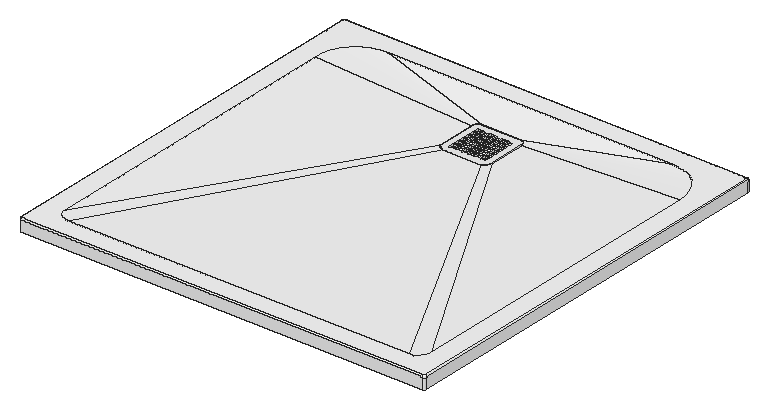
Revit family "IS_UltraFlatS_K8216_BIM_DE", category Plumbing Fixtures, host Face, Revit 2016
Family settings
  Host = Face
  Part Type = Normal
  Round Connector Dimension = Use Diameter
  OmniClass Number = 23.45.05.14.21.11
  OmniClass Title = Bath/Shower Units
  Cut with Voids When Loaded = No
  Shared = No
  Room Calculation Point = No
Parameters (values of type "K8216FR - ULTRAFLAT S PD 100X100 BIANCO")
  WarrantyStartDate = "n/a"
  WarrantyGuarantorParts = "n/a"
  WarrantyGuarantorLabor = "n/a"
  WarrantyDurationUnit = "n/a"
  WarrantyDurationParts = "n/a"
  WarrantyDurationLabor = "n/a"
  WarrantyDescription = "n/a"
  WFU = 0
  VolumeUnits = "Litres"
  Version = "1"
  Uniclass2015Version = "Products v1.1"
  Uniclass2015Title = "Shower trays"
  Uniclass2015Code = "Pr_40_20_06_84"
  URL = "www.idealstandard.de"
  Type Comments = "n/a"
  TagNumber = "n/a"
  SustainabilityPerformance = "n/a"
  Space = "Internal"
  Size = "1000 x 1000 x 30 mm"
  Shape = "Rectangular"
  SerialNumber = "n/a"
  ReplacementCost = "n/a"
  ProductInformation = "www.idealstandard.de"
  PredefinedType = "n/a"
  Phone = "+49228 5210"
  NominalWidth = 1000 mm
  NominalLength = 1000 mm
  NominalHeight = 30 mm
  NominalDepth = 0 mm
  Name = "ISI_IdealStandard_Showers_Ultra Flat S_K8216FR"
  ModelReference = "IS Quadratische-Brausewanne ULTRAFLAT S, 1000x1000x30mm, Carraraweiß"
  ModelNumber = "K8216FR"
  Model = "K8216FR"
  Material = "Sanitary Brass"
  ManufacturerURL = "www.idealstandard.de"
  Manufacturer = "idealstandard.de@idealstandard.com"
  MainMaterial = IS_RenderMaterial_White
  LinearUnits = "millimeters"
  Keynote = ""
  InstallationInstructions = "www.idealstandard.de\\produkte"
  InstallationDate = "1900-12-31T23:59:59"
  Help = "idealstandard.de@idealstandard.com"
  HWFU = 0
  GrossWeight = "36 kg"
  Grade = "n/a"
  Finish = "Pure White"
  Features = "ULTRA FLAT S square shower tray 1000x1000mm"
  ExpectedLife = "25"
  DurationUnit = "year"
  DistributedBy = "n/a"
  Description = "ULTRA FLAT S - Piatto doccia quadrato ultrasottile realizzato in IDEAL SOLID, materiale altamente resistente composto da una miscela di minerali naturali e resine. Finitura opaca effetto pietra. Griglia di scarico, in acciaio inossidabile, fornita a corredo del piatto doccia. Sifone di scarico K936367, da ordinare separatamente. Per installazione sopra pavimento o filo pavimento. È possibile acquistare la griglia di scarico dello stesso colore del piatto come accessorio opzionale. Dimensioni: 100X100 cm."
  Default Elevation = 0 mm
  CurrencyUnit = "€"
  CreatedOn = "42774"
  Cost = 0
  Constituents = "n/a"
  ConnectionType = "Plumbing"
  Color = "Pure White"
  CodePerformance = "0"
  CWFU = 0
  Brand = "Ideal Standard"
  BarCode = "4015413067539"
  BIMObjectName = "ISI_IdealStandard_Showers_Ultra Flat S_K8216FR"
  Author = "Ideal Standard"
  AssetType = "Fixed"
  AssetIdentifier = "n/a"
  Assembly Code = "C1030200"
  AreaUnits = "millimeters"
  AreaMeasurement = "n/a"
  Accessories = "www.idealstandard.de\\ersatzteile"
  AccessibilityPerformance = "n/a"
Types (5, lengths in mm): name | Name | ModelReference | ModelNumber | Model | MainMaterial | Finish | Color | BarCode | BIMObjectName
  K8216FR - ULTRAFLAT S PD 100X100 BIANCO | "ISI_IdealStandard_Showers_Ultra Flat S_K8216FR" | "IS Quadratische-Brausewanne ULTRAFLAT S, 1000x1000x30mm, Carraraweiß" | "K8216FR" | "K8216FR" | IS_RenderMaterial_White | "Pure White" | "Pure White" | "4015413067539" | "ISI_IdealStandard_Showers_Ultra Flat S_K8216FR"
  K8216FS - ULTRAFLAT S PD 100X100 GRIGIO CEMENTO | "ISI_IdealStandard_Showers_Ultra Flat S_K8216FS" | "IS Quadratische-Brausewanne ULTRAFLAT S, 1000x1000x30mm, Quarzgrau" | "K8216FS" | "K8216FS" | IS_RenderMaterial_Grey | "Concrete Grey" | "Concrete Grey" | "4015413070539" | "ISI_IdealStandard_Showers_Ultra Flat S_K8216FS"
  K8216FU - ULTRAFLAT S PD 100X100 MOKA | "ISI_IdealStandard_Showers_Ultra Flat S_K8216FU" | "IS Quadratische-Brausewanne ULTRAFLAT S, 1000x1000x30mm, Lavabraun" | "K8216FU" | "K8216FU" | IS_RenderMaterial_Moka | "Deep Moka" | "Deep Moka" | "4015413071314" | "ISI_IdealStandard_Showers_Ultra Flat S_K8216FU"
  K8216FT - ULTRAFLAT S PD 100X100 SABBIA | "ISI_IdealStandard_Showers_Ultra Flat S_K8216FT" | "IS Quadratische-Brausewanne ULTRAFLAT S, 1000x1000x30mm, Sandstein" | "K8216FT" | "K8216FT" | IS_RenderMaterial_Sand | "Beach Sand" | "Beach Sand" | "4015413070928" | "ISI_IdealStandard_Showers_Ultra Flat S_K8216FT"
  K8216FV - ULTRAFLAT S PD 100X100 NERO | "ISI_IdealStandard_Showers_Ultra Flat S_K8216FV" | "IS Quadratische-Brausewanne ULTRAFLAT S, 1000x1000x30mm, Schiefer" | "K8216FV" | "K8216FV" | IS_RenderMaterial_Black | "Jet Black" | "Jet Black" | "4015413071666" | "ISI_IdealStandard_Showers_Ultra Flat S_K8216FV"
Reference planes
  plane 1 "Center (Front/Back)": y = 0
  plane 2: z = 0
  plane 3 "Center (Left/Right)": x = 0
  plane 4: z = 30
  plane 5: y = -1000
  plane 6: x = -500
  plane 7: x = 500
Forms (mm)
  Extrusion 1, solid, material "IS_RenderMaterial_White" <- "MainMaterial"
    sketch origin (0, 0, 0) x (1, 0, 0) y (0, 1, 0)
      loop
        arc (-495, 0) -> (-498.536, -1.464) -> (-500, -5) r 5
        line (-500, -5) -> (-500, -995)
        arc (-500, -995) -> (-498.536, -998.536) -> (-495, -1000) r 5
        line (-495, -1000) -> (495, -1000)
        arc (495, -1000) -> (498.536, -998.536) -> (500, -995) r 5
        line (500, -995) -> (500, -5)
        arc (500, -5) -> (498.536, -1.464) -> (495, 0) r 5
        line (495, 0) -> (-495, 0)
    from 0 to 30
  Blend 2, void
    base sketch origin (0, 39.744, 30) x (-1, 0, 0) y (0, -1, 0)
      loop
        arc (350, 89.744) -> (420.711, 119.033) -> (450, 189.744) r 100
        line (450, 189.744) -> (450, 959.744)
        arc (450, 959.744) -> (441.213, 980.957) -> (420, 989.744) r 30
        line (420, 989.744) -> (-420, 989.744)
        arc (-420, 989.744) -> (-441.213, 980.957) -> (-450, 959.744) r 30
        line (-450, 959.744) -> (-450, 189.744)
        arc (-450, 189.744) -> (-420.711, 119.033) -> (-350, 89.744) r 100
        line (-350, 89.744) -> (350, 89.744)
    top sketch origin (0, 39.744, 30) x (-1, 0, 0) y (0, -1, 0)
      loop
        arc (47.5, 177.244) -> (58.107, 181.637) -> (62.5, 192.244) r 15
        line (62.5, 192.244) -> (62.5, 287.244)
        arc (62.5, 287.244) -> (58.107, 297.85) -> (47.5, 302.244) r 15
        line (47.5, 302.244) -> (-47.5, 302.244)
        arc (-47.5, 302.244) -> (-58.107, 297.85) -> (-62.5, 287.244) r 15
        line (-62.5, 287.244) -> (-62.5, 192.244)
        arc (-62.5, 192.244) -> (-58.107, 181.637) -> (-47.5, 177.244) r 15
        line (-47.5, 177.244) -> (47.5, 177.244)
    from 0 to -15
  Revolve 3, void
    sketch origin (-65.411, -200, 1219.2) x (-1, 0, 0) y (0, 0, 1)
      loop
        line (-65.411, -1219.2) -> (-20.411, -1219.2) -> (-20.411, -1214.2) -> (-13.411, -1207.2) -> (-65.411, -1207.2) -> (-65.411, -1219.2)
      axis (-65.411, -1219.2) -> (-65.411, -1207.2)
    angle from 0 to 360
  Extrusion 4, void
    sketch origin (0, -134.515, 12) x (-1, 0, 0) y (0, 1, 0)
      loop
        arc (-47.5, -2.985) -> (-58.107, -7.379) -> (-62.5, -17.985) r 15
        line (-62.5, -17.985) -> (-62.5, -112.985)
        arc (-62.5, -112.985) -> (-58.107, -123.592) -> (-47.5, -127.985) r 15
        line (-47.5, -127.985) -> (47.5, -127.985)
        arc (47.5, -127.985) -> (58.107, -123.592) -> (62.5, -112.985) r 15
        line (62.5, -112.985) -> (62.5, -17.985)
        arc (62.5, -17.985) -> (58.107, -7.379) -> (47.5, -2.985) r 15
        line (47.5, -2.985) -> (-47.5, -2.985)
    from 0 to -3
  Extrusion 5, solid, material "Chrome - Polished"
    sketch origin (0, -134.515, 12) x (0, 1, 0) y (-1, 0, 0)
      loop
        arc (-4.985, 46.539) -> (-9.074, 56.411) -> (-18.946, 60.5) r 13.961
        line (-18.946, 60.5) -> (-111.985, 60.5)
        arc (-111.985, 60.5) -> (-121.885, 56.399) -> (-125.985, 46.5) r 14
        line (-125.985, 46.5) -> (-125.985, -46.5)
        arc (-125.985, -46.5) -> (-121.885, -56.399) -> (-111.985, -60.5) r 14
        line (-111.985, -60.5) -> (-18.985, -60.5)
        arc (-18.985, -60.5) -> (-9.086, -56.399) -> (-4.985, -46.5) r 14
        line (-4.985, -46.5) -> (-4.985, 46.539)
      loop
        line (-64.007, 45) -> (-64.007, 32) -> (-52.007, 32) -> (-52.007, 45) -> (-64.007, 45)
      loop
        line (-49.007, 45) -> (-49.007, 32) -> (-37.007, 32) -> (-37.007, 45) -> (-49.007, 45)
      loop
        line (-34.007, 45) -> (-34.007, 32) -> (-22.007, 32) -> (-22.007, 45) -> (-34.007, 45)
      loop
        line (-34.007, 29) -> (-34.007, 16) -> (-22.007, 16) -> (-22.007, 29) -> (-34.007, 29)
      loop
        line (-34.007, 13) -> (-34.007, 1.526) -> (-22.007, 1.526) -> (-22.007, 13) -> (-34.007, 13)
      loop
        line (-37.007, 29) -> (-49.007, 29) -> (-49.007, 16) -> (-37.007, 16) -> (-37.007, 29)
      loop
        line (-37.007, 13) -> (-49.007, 13) -> (-49.007, 1.526) -> (-37.007, 1.526) -> (-37.007, 13)
      loop
        line (-52.007, 29) -> (-64.007, 29) -> (-64.007, 16) -> (-52.007, 16) -> (-52.007, 29)
      loop
        line (-52.007, 13) -> (-64.007, 13) -> (-64.007, 1.526) -> (-52.007, 1.526) -> (-52.007, 13)
      loop
        line (-64.007, -45) -> (-52.007, -45) -> (-52.007, -32) -> (-64.007, -32) -> (-64.007, -45)
      loop
        line (-49.007, -45) -> (-37.007, -45) -> (-37.007, -32) -> (-49.007, -32) -> (-49.007, -45)
      loop
        line (-34.007, -45) -> (-22.007, -45) -> (-22.007, -32) -> (-34.007, -32) -> (-34.007, -45)
      loop
        line (-34.007, -29) -> (-22.007, -29) -> (-22.007, -16) -> (-34.007, -16) -> (-34.007, -29)
      loop
        line (-34.007, -13) -> (-22.007, -13) -> (-22.007, -1.526) -> (-34.007, -1.526) -> (-34.007, -13)
      loop
        line (-37.007, -29) -> (-37.007, -16) -> (-49.007, -16) -> (-49.007, -29) -> (-37.007, -29)
      loop
        line (-37.007, -13) -> (-37.007, -1.526) -> (-49.007, -1.526) -> (-49.007, -13) -> (-37.007, -13)
      loop
        line (-52.007, -29) -> (-52.007, -16) -> (-64.007, -16) -> (-64.007, -29) -> (-52.007, -29)
      loop
        line (-52.007, -13) -> (-52.007, -1.526) -> (-64.007, -1.526) -> (-64.007, -13) -> (-52.007, -13)
      loop
        line (-66.963, 45) -> (-78.963, 45) -> (-78.963, 32) -> (-66.963, 32) -> (-66.963, 45)
      loop
        line (-81.963, 45) -> (-93.963, 45) -> (-93.963, 32) -> (-81.963, 32) -> (-81.963, 45)
      loop
        line (-96.963, 45) -> (-108.963, 45) -> (-108.963, 32) -> (-96.963, 32) -> (-96.963, 45)
      loop
        line (-96.963, 29) -> (-108.963, 29) -> (-108.963, 16) -> (-96.963, 16) -> (-96.963, 29)
      loop
        line (-96.963, 13) -> (-108.963, 13) -> (-108.963, 1.526) -> (-96.963, 1.526) -> (-96.963, 13)
      loop
        line (-93.963, 29) -> (-93.963, 16) -> (-81.963, 16) -> (-81.963, 29) -> (-93.963, 29)
      loop
        line (-93.963, 13) -> (-93.963, 1.526) -> (-81.963, 1.526) -> (-81.963, 13) -> (-93.963, 13)
      loop
        line (-78.963, 29) -> (-78.963, 16) -> (-66.963, 16) -> (-66.963, 29) -> (-78.963, 29)
      loop
        line (-78.963, 13) -> (-78.963, 1.526) -> (-66.963, 1.526) -> (-66.963, 13) -> (-78.963, 13)
      loop
        line (-66.963, -45) -> (-66.963, -32) -> (-78.963, -32) -> (-78.963, -45) -> (-66.963, -45)
      loop
        line (-81.963, -45) -> (-81.963, -32) -> (-93.963, -32) -> (-93.963, -45) -> (-81.963, -45)
      loop
        line (-96.963, -45) -> (-96.963, -32) -> (-108.963, -32) -> (-108.963, -45) -> (-96.963, -45)
      loop
        line (-96.963, -29) -> (-96.963, -16) -> (-108.963, -16) -> (-108.963, -29) -> (-96.963, -29)
      loop
        line (-96.963, -13) -> (-96.963, -1.526) -> (-108.963, -1.526) -> (-108.963, -13) -> (-96.963, -13)
      loop
        line (-93.963, -29) -> (-81.963, -29) -> (-81.963, -16) -> (-93.963, -16) -> (-93.963, -29)
      loop
        line (-93.963, -13) -> (-81.963, -13) -> (-81.963, -1.526) -> (-93.963, -1.526) -> (-93.963, -13)
      loop
        line (-78.963, -29) -> (-66.963, -29) -> (-66.963, -16) -> (-78.963, -16) -> (-78.963, -29)
      loop
        line (-78.963, -13) -> (-66.963, -13) -> (-66.963, -1.526) -> (-78.963, -1.526) -> (-78.963, -13)
    from 0 to 3
  Sweep 6, void
    path in 3D
      loop
        arc (495, -1000, 30) -> (498.536, -998.536, 30) -> (500, -995, 30) r 5
        line (500, -995, 30) -> (500, -5, 30)
        arc (500, -5, 30) -> (498.536, -1.464, 30) -> (495, 0, 30) r 5
        line (495, 0, 30) -> (-495, 0, 30)
        arc (-495, 0, 30) -> (-498.536, -1.464, 30) -> (-500, -5, 30) r 5
        line (-500, -5, 30) -> (-500, -995, 30)
        arc (-500, -995, 30) -> (-498.536, -998.536, 30) -> (-495, -1000, 30) r 5
        line (-495, -1000, 30) -> (495, -1000, 30)
    profile origin (0, -1000, 30) x (0, 1, 0) y (0, 0, 1)
      loop
        line (0, 0) -> (0, -3)
        arc (0, -3) -> (0.879, -0.879) -> (3, 0) r 3
        line (3, 0) -> (0, 0)
Cuts and joins
  Blend 2, Revolve 3, Extrusion 4, Sweep 6 cuts Extrusion 1
  Blend 2 cuts Extrusion 5
Lines and regions (mm)
  sketch lines
    curve 1: line (-495, -1000, 30) -> (495, -1000, 30)
    curve 2: arc (500, -995, 30) -> (498.536, -998.536, 30) -> (495, -1000, 30) r 5
    curve 3: line (500, -995, 30) -> (500, -5, 30)
    curve 4: arc (-495, -1000, 30) -> (-498.536, -998.536, 30) -> (-500, -995, 30) r 5
    curve 5: line (-500, -5, 30) -> (-500, -995, 30)
    curve 6: arc (-500, -5, 30) -> (-498.536, -1.464, 30) -> (-495, 0, 30) r 5
    curve 7: line (495, 0, 30) -> (-495, 0, 30)
    curve 8: arc (495, 0, 30) -> (498.536, -1.464, 30) -> (500, -5, 30) r 5
Dimensions and locks
  "NominalHeight": level to plane 4
  "NominalLength": plane 5 to plane 1 "Center (Front/Back)"
  "NominalWidth": plane 6 to plane 7
  aligned and locked: plane 2 to host face
  aligned and locked: level to host face
Automatic sketch dimensions
  host sketch curve to host sketch curve = 2438.4 mm
  host sketch curve to host sketch curve = 1719.2 mm
  Extrusion 1 sketch curve to plane 6 = 0 mm
  plane 5 to Extrusion 1 sketch curve = 0 mm
  plane 1 "Center (Front/Back)" to Extrusion 1 sketch curve = 0 mm
  Extrusion 1 sketch curve to plane 7 = 0 mm
  Extrusion 1 sketch curve to plane 6 = 5 mm
  plane 1 "Center (Front/Back)" to Extrusion 1 sketch curve = 5 mm
  Extrusion 1 sketch curve to plane 7 = 5 mm  (x2)
  Blend 2 sketch curve to plane 7 = 50 mm
  Blend 2 sketch curve to Blend 2 sketch curve = 30 mm
  Blend 2 sketch curve to Blend 2 sketch curve = 100 mm
  Blend 2 sketch curve to plane 6 = 150 mm
  Blend 2 sketch curve to plane 6 = 80 mm
  Blend 2 sketch curve to plane 6 = 50 mm
  plane 1 "Center (Front/Back)" to Blend 2 sketch curve = 50 mm
  Blend 2 sketch curve to plane 5 = 80 mm
  plane 3 "Center (Left/Right)" to Blend 2 sketch curve = 62.5 mm
  Blend 2 sketch curve to Blend 2 sketch curve = 15 mm  (x3)
  Blend 2 sketch curve to plane 3 "Center (Left/Right)" = 47.5 mm  (x2)
  plane 1 "Center (Front/Back)" to Blend 2 sketch curve = 137.5 mm
  Blend 2 sketch curve to Blend 2 sketch curve = 95 mm
  Revolve 3 sketch curve to level = 0 mm
  Revolve 3 sketch curve to plane 3 "Center (Left/Right)" = 0 mm  (x2)
  level to Revolve 3 sketch curve = 5 mm
  Revolve 3 sketch curve to plane 3 "Center (Left/Right)" = 45 mm
  Revolve 3 sketch curve to Revolve 3 sketch curve = 7 mm
  Revolve 3 sketch curve to Revolve 3 sketch curve = 12 mm
  Revolve 3 sketch curve to level = 10 mm
  plane 4 to Revolve 3 sketch curve = 7.813 mm
  plane 3 "Center (Left/Right)" to Extrusion 4 sketch curve = 62.5 mm
  Extrusion 4 sketch curve to Extrusion 4 sketch curve = 15 mm  (x3)
  Extrusion 4 sketch curve to plane 3 "Center (Left/Right)" = 47.5 mm  (x2)
  plane 1 "Center (Front/Back)" to Extrusion 4 sketch curve = 137.5 mm
  Extrusion 4 sketch curve to Extrusion 4 sketch curve = 95 mm
  plane 3 "Center (Left/Right)" to Extrusion 5 sketch curve = 46.5 mm
  plane 1 "Center (Front/Back)" to Extrusion 5 sketch curve = 260.5 mm
  Extrusion 5 sketch curve to Extrusion 5 sketch curve = 14 mm  (x3)
  Extrusion 5 sketch curve to Extrusion 5 sketch curve = 3.022 mm  (x3)
  Extrusion 5 sketch curve to Extrusion 5 sketch curve = 0 mm  (x56)
  plane 3 "Center (Left/Right)" to Extrusion 5 sketch curve = 1.526 mm  (x6)
  Extrusion 5 sketch curve to Extrusion 5 sketch curve = 12 mm  (x18)
  Extrusion 5 sketch curve to Extrusion 5 sketch curve = 3 mm  (x37)
  Extrusion 5 sketch curve to Extrusion 5 sketch curve = 2.956 mm  (x6)
  Extrusion 5 sketch curve to Extrusion 5 sketch curve = 3.061 mm
  Extrusion 5 sketch curve to Extrusion 5 sketch curve = 1.5 mm  (x3)
  Extrusion 5 sketch curve to Extrusion 5 sketch curve = 13 mm  (x9)
  Extrusion 5 sketch curve to plane 3 "Center (Left/Right)" = 1.526 mm  (x6)
  Extrusion 5 sketch curve to Extrusion 5 sketch curve = 11.474 mm  (x2)
  Sweep 6 sketch curve to profile plane = 0 mm  (x2)
  Sweep 6 sketch curve to profile plane = 3 mm
Connectors
  piping at (0, -200, 0), diameter 90
    settings: on cut or joined group of Extrusion 1, Blend 2, Revolve 3, Extrusion 4, Sweep 6, index 1, connector inside diameter 609.6 mm, connector length 0 mm, flow factor 0, pipe flow 0.0 L/s, pressure drop 0.0 Pa, fitting loss kfactor 0, connector angle 0.00°, fixture units 0, engagement length 0 mm, angle of deflection 0.00°, flow configuration 2, flow direction 2, fitting loss method 0, system type 16, joint type 0, gender type 0, connector reference index -1, connector utility 0, adjustable connector no, is connector primary yes, connector description ""
